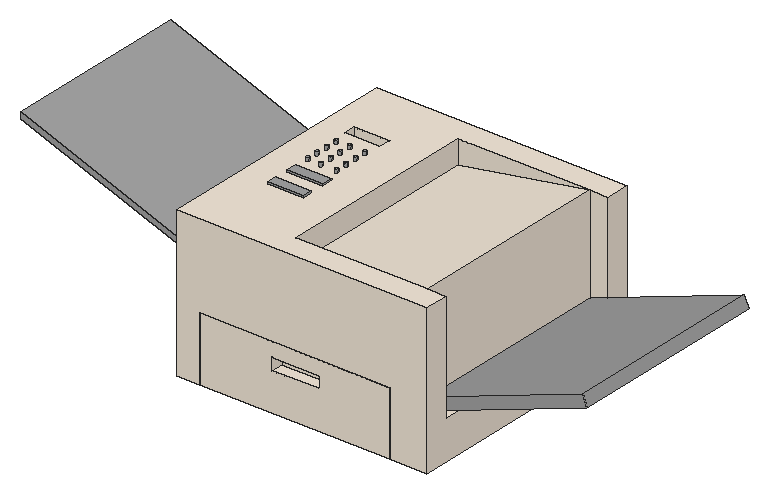
Revit family
Parameters (values of type "Fax - Table")
  Material Trays/Buttons = Plastic - Gray,Dark
  Material Fax = Plastic - White
  Keynote = "N"
  Assembly Code = "E1010800"
Reference planes
  plane 1 "Center F/B": y = 24.669
  plane 2: z = 0
  plane 3 "Center L/R": x = -2.165
  plane 4: x = -268.865
  plane 5: x = 264.535
  plane 6: y = 291.369
  plane 7: y = -242.031
Forms (mm)
  Extrusion 1, solid, material "Plastic - White" <- "Material Fax"
    sketch origin (0, 0, -472.355) x (1, 0, 0) y (0, 1, 0)
      loop
        line (-268.865, 291.369) -> (-268.865, -242.031) -> (264.535, -242.031) -> (264.535, 291.369) -> (-268.865, 291.369)
    from 472.355 to 789.122
  Extrusion 2, void
    sketch origin (-268.865, -242.031, -155.588) x (0, 0, -1) y (1, 0, 0)
      loop
        line (-155.588, 48.279) -> (-155.588, 454.679) -> (-292.833, 454.679) -> (-292.833, 48.279) -> (-155.588, 48.279)
    from 0 to -50.8
  Extrusion 3, solid, material "Plastic - White" <- "Material Fax"
    sketch origin (0, 24.669, -472.355) x (1, 0, 0) y (0, 0, 1)
      loop
        line (-220.586, 472.355) -> (185.814, 472.355) -> (185.814, 609.6) -> (-220.586, 609.6) -> (-220.586, 472.355)
    from 266.7 to 215.9
  Extrusion 4, void
    sketch origin (-268.865, -242.031, -155.588) x (0, 0, -1) y (1, 0, 0)
      loop
        line (-262.092, 202.091) -> (-236.692, 202.091) -> (-236.692, 303.691) -> (-262.092, 303.691) -> (-262.092, 202.091)
    from 0 to -25.4
  Extrusion 5, solid, material "Plastic - Gray,Dark" <- "Material Trays/Buttons"
    sketch origin (0, 24.669, 0) x (1, 0, 0) y (0, 0, 1)
      loop
        line (-268.865, 200.666) -> (-268.865, 213.516) -> (-644.763, 350.332) -> (-644.763, 337.481) -> (-268.865, 200.666)
    from -185.012 to 215.9
  Extrusion 6, void
    sketch origin (264.535, -242.031, 316.767) x (0, 0, -1) y (0, 1, 0)
      loop
        line (-20.714, 50.8) -> (233.286, 50.8) -> (233.286, 482.6) -> (-20.714, 482.6) -> (-20.714, 50.8)
    from 0 to -39.149
  Extrusion 7, solid, material "Plastic - Gray,Dark" <- "Material Trays/Buttons"
    sketch origin (-10.177, 24.669, 11.745) x (1, 0, 0) y (0, 0, 1)
      loop
        line (235.563, 72.937) -> (574.821, 196.416) -> (566.134, 220.285) -> (235.563, 99.967) -> (235.563, 72.937)
    from 215.9 to -215.9
  Extrusion 8, solid, material "Plastic - Gray,Dark" <- "Material Trays/Buttons"
    sketch origin (-226.756, 215.169, 316.767) x (-1, 0, 0) y (0, -1, 0)
      loop
        circle (-21.697, 189.095) r 3.175
      loop
        circle (-50.468, 189.095) r 3.175
      loop
        circle (-83.668, 189.546) r 3.175
      loop
        circle (-83.24, 163.695) r 3.175
      loop
        circle (-50.468, 163.695) r 3.175
      loop
        circle (-21.697, 163.695) r 3.175
      loop
        circle (-21.697, 138.295) r 3.175
      loop
        circle (-50.468, 138.295) r 3.175
      loop
        circle (-83.24, 138.295) r 3.175
      loop
        circle (-83.24, 112.895) r 3.175
      loop
        circle (-50.468, 112.895) r 3.175
      loop
        circle (-21.697, 112.895) r 3.175
    from 0 to 6.35
  Extrusion 9, void
    sketch origin (-226.756, 291.369, 316.767) x (-1, 0, 0) y (0, -1, 0)
      loop
        line (-10.843, 128.193) -> (-10.843, 153.593) -> (-87.043, 153.593) -> (-87.043, 128.193) -> (-10.843, 128.193)
    from 0 to -25.4
  Extrusion 10, solid, material "Plastic - Gray,Dark" <- "Material Trays/Buttons"
    sketch origin (-226.756, 291.369, 316.767) x (-1, 0, 0) y (0, -1, 0)
      loop
        line (-18.788, 292.769) -> (-18.788, 317.5) -> (-94.988, 317.5) -> (-94.988, 292.769) -> (-18.788, 292.769)
      loop
        line (-18.788, 347.249) -> (-18.788, 368.3) -> (-94.988, 368.3) -> (-94.988, 347.249) -> (-18.788, 347.249)
    from 0 to 3.175
  Extrusion 11, void
    sketch origin (0, 24.669, 0) x (1, 0, 0) y (0, 0, 1)
      loop
        line (-55.568, 316.767) -> (-55.568, 265.967) -> (225.386, 316.767) -> (-55.568, 316.767)
    from -215.9 to 215.9
Cuts and joins
  Extrusion 2, Extrusion 4, Extrusion 6, Extrusion 9, Extrusion 11 cuts Extrusion 1
  Extrusion 4, Extrusion 6, Extrusion 9, Extrusion 11 cuts Extrusion 3
  Extrusion 6, Extrusion 9, Extrusion 11 cuts Extrusion 5
  Extrusion 9, Extrusion 11 cuts Extrusion 7
  Extrusion 11 cuts Extrusion 10
Lines and regions (mm)
  Masking region 1
    outline origin (0, 0, 0) x (1, 0, 0) y (0, 1, 0)
      loop
        line (264.535, 291.369) -> (-268.865, 291.369) -> (-268.865, 209.68) -> (-644.763, 209.68) -> (-644.763, -191.231) -> (-268.865, -191.231) -> (-268.865, -242.031) -> (264.535, -242.031) -> (264.535, -191.231) -> (564.644, -191.231) -> (564.644, 240.569) -> (264.535, 240.569) -> (264.535, 291.369)
  symbolic lines
    curve 1: line (-268.865, 209.68, 0) -> (-644.763, 209.68, 0)
    curve 2: line (-644.763, 209.68, 0) -> (-644.763, -191.231, 0)
    curve 3: line (-644.763, -191.231, 0) -> (-268.865, -191.231, 0)
    curve 4: line (555.957, -191.231, 0) -> (555.957, 240.569, 0)
    curve 5: line (564.644, 240.569, 0) -> (225.386, 240.569, 0)
    curve 6: line (225.386, -191.231, 0) -> (564.644, -191.231, 0)
    curve 7: line (264.535, -242.031, 0) -> (264.535, 291.369, 0)
    curve 8: line (264.535, 291.369, 0) -> (-268.865, 291.369, 0)
    curve 9: line (-268.865, 291.369, 0) -> (-268.865, -242.031, 0)
    curve 10: line (-268.865, -242.031, 0) -> (264.535, -242.031, 0)
    curve 11: line (225.386, 240.569, 0) -> (225.386, -191.231, 0)
    curve 12: line (-55.568, 240.569, 0) -> (-55.568, -191.231, 0)
    curve 13: line (225.386, 240.569, 0) -> (-55.568, 240.569, 0)
    curve 14: line (185.814, -191.231, 0) -> (-220.586, -191.231, 0)
    curve 15: line (185.814, -242.031, 0) -> (185.814, -191.231, 0)
    curve 16: line (-220.586, -191.231, 0) -> (-220.586, -242.031, 0)
    curve 17: line (34.826, -216.631, 0) -> (-66.774, -216.631, 0)
    curve 18: line (-66.774, -216.631, 0) -> (-66.774, -242.031, 0)
    curve 19: line (34.826, -242.031, 0) -> (34.826, -216.631, 0)
    curve 20: line (-207.968, -76.931, 0) -> (-131.768, -76.931, 0)
    curve 21: line (-131.768, -55.88, 0) -> (-207.968, -55.88, 0)
    curve 22: line (-207.968, -26.131, 0) -> (-131.768, -26.131, 0)
    curve 23: line (-131.768, -1.4, 0) -> (-207.968, -1.4, 0)
    curve 24: line (-215.913, 137.776, 0) -> (-139.713, 137.776, 0)
    curve 25: line (-139.713, 163.176, 0) -> (-215.913, 163.176, 0)
    curve 26: line (-131.768, -26.131, 0) -> (-131.768, -1.4, 0)
    curve 27: line (-207.968, -1.4, 0) -> (-207.968, -26.131, 0)
    curve 28: line (-131.768, -76.931, 0) -> (-131.768, -55.88, 0)
    curve 29: line (-207.968, -55.88, 0) -> (-207.968, -76.931, 0)
    curve 30: line (-139.713, 137.776, 0) -> (-139.713, 163.176, 0)
    curve 31: line (-215.913, 163.176, 0) -> (-215.913, 137.776, 0)
Dimensions and locks
  equal spacing: plane 7, plane 1 "Center F/B", plane 6
  equal spacing: plane 4, plane 3 "Center L/R", plane 5
